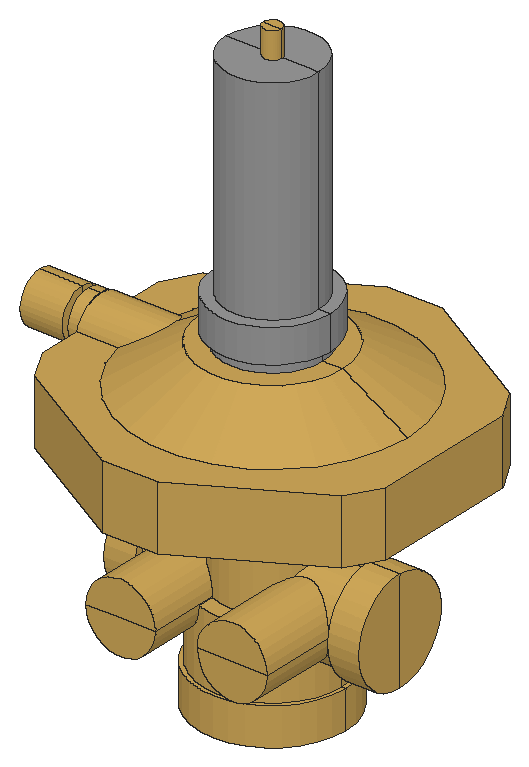
Revit family "Differenzdruckregler 4002 25-60kPa", category Rohrzubehör, Revit 2021
Family settings
  Bemaßung runder Anschluss = Durchmesser verwenden
  Teiletyp = Unterbricht
  OmniClass-Nummer = 23.65.55.14
  OmniClass-Titel = Valves for Liquid Services
  Arbeitsebenenbasiert = Nein
  Immer vertikal = Ja
  Beim Laden mit Abzugskörper schneiden = Nein
  Gemeinsam genutzt = Nein
Parameters (values of type "Ohne Dämmung")
  y2 [instance] = K14 + K9 + H01  # 45.649 mm
  y1 [instance] = (R03 * 2) + R05  # 66.000 mm
  Vorgabe-Ansicht = 0.000 mm
  PN = 16  # constant formula
  Min. Betriebstemperatur (Frostschutz) = -20 °C  # constant formula
  Max. zulässige Betriebstemperatur bis DN32 = 130 °C  # constant formula
  Max. zulässige Betriebstemperatur DN40 - DN50 = 110 °C  # constant formula
  Max. Differenzdruck am Gehäuse = 400000.0 Pa  # constant formula
  Max. Betriebsdruck = 1600000.0 Pa  # constant formula
  Ventilschaft = "Edelstahl 14301"  # constant formula
  VRL01 [instance] = 30.000 mm  # constant formula
  V12 = 17.000 mm  # constant formula
  V10 = 16.000 mm  # constant formula
  V09 [instance] = 11.000 mm  # constant formula
  V08 [instance] = G01 + 3.000 mm  # 16.220 mm
  V03 [instance] = G01 + 5.000 mm  # 18.220 mm
  V02 [instance] = V01 + 4.500 mm  # 12.000 mm
  V01 [instance] = Nennweite / 2  # 7.500 mm
  URL = "www.herz-armaturen.at"
  SCRNSEQ = "ARM;ARM_TYP=\"DIFR\";2"
  SCRNCODE = "05;03;4"  # constant formula
  S07 = 10.000 mm  # constant formula
  S05 [instance] = S01 - 1.000 mm  # 13.850 mm
  S04 [instance] = S02 - 1.000 mm  # 18.000 mm
  S03 [instance] = size_lookup("4002 25-60kPa", "S03", 26.500 mm, Nennweite)  # 25.600 mm
  S02 [instance] = size_lookup("4002 25-60kPa", "S02", 19.000 mm, Nennweite)  # 19.000 mm
  S01 [instance] = size_lookup("4002 25-60kPa", "S01", 14.850 mm, Nennweite)  # 14.850 mm
  Regleranschlussmutter = "Messing CW614N"  # constant formula
  Regelbereich = "25 - 60kPa"  # constant formula
  R06 [instance] = size_lookup("4002 25-60kPa", "R06", 14.500 mm, Nennweite)  # 14.500 mm
  R05 [instance] = size_lookup("4002 25-60kPa", "R05", 41.000 mm, Nennweite)  # 50.000 mm
  R04 [instance] = size_lookup("4002 25-60kPa", "R04", 12.500 mm, Nennweite)  # 12.500 mm
  R03 [instance] = size_lookup("4002 25-60kPa", "R03", 8.000 mm, Nennweite)  # 8.000 mm
  R02 = 14.500 mm  # constant formula
  R01 [instance] = size_lookup("4002 25-60kPa", "R01", 11.500 mm, Nennweite)  # 11.500 mm
  Min. Betriebstemperatur (reines Wasser) = 2 °C  # constant formula
  O-Ringe = "EPDM"  # constant formula
  Nennweite [instance] = 15.000 mm
  Membrangehäuse = "Messing CW602N"  # constant formula
  Membrane = "EPDM"  # constant formula
  Medium = "Wasserbeschaffenheit nach ÖNORM H 5195 und VDI 2035\r\nDie Verwendung von Ethylen- und Propylenglykol ist im\r\nMischungsverhältnis 25 - 50 Vol.-% zulässig."
  L07 [instance] = size_lookup("4002 25-60kPa", "L07", 28.500 mm, Nennweite)  # 33.000 mm
  L06 = 7.000 mm  # constant formula
  L [instance] = size_lookup("4002 25-60kPa", "L", 66.000 mm, Nennweite)  # 66.000 mm
  K9 = 4.000 mm  # constant formula
  K8 = 55.000 mm  # constant formula
  K7 = 8.700 mm  # constant formula
  K6 = 11.700 mm  # constant formula
  K5 = 13.000 mm  # constant formula
  K4 = 12.000 mm  # constant formula
  K3 = 15.000 mm  # constant formula
  K2 = 2.350 mm  # constant formula
  K18 = 89.000 mm  # constant formula
  K17 = 66.700 mm  # constant formula
  K16 = 3.000 mm  # constant formula
  K15 = 26.649 mm  # constant formula
  K14 = 16.649 mm  # constant formula
  K13 = 16.649 mm  # constant formula
  K12 = 10.000 mm  # constant formula
  K11 = 35.000 mm  # constant formula
  K10 = 18.250 mm  # constant formula
  K1.1 = 2.350 mm  # constant formula
  K1 = 7.651 mm - 1.000 mm  # 6.651 mm
  J9 = 15.700 mm  # constant formula
  J8 = 7.850 mm  # constant formula
  J7 = 15.897 mm  # constant formula
  J6 = 3.900 mm  # constant formula
  J5 = 6.500 mm  # constant formula
  J4 = 1.500 mm  # constant formula
  J3 = 3.200 mm  # constant formula
  J2 = 11.000 mm  # constant formula
  J11 = 3.500 mm  # constant formula
  J10 = 18.897 mm  # constant formula
  J1 = 6.500 mm  # constant formula
  Hersteller = "HERZ-Armaturen Ges.m.b.H"  # constant formula
  H2 [instance] = size_lookup("4002 25-60kPa", "H2", 28.000 mm, Nennweite)  # 28.000 mm
  H1 [instance] = K1 + K2 + K3 + K4 + K5 + K7 + K8 + K16 + 16.650 mm  # 132.351 mm
  H04 = 4.000 mm  # constant formula
  H03 = 9.800 mm  # constant formula
  H02 [instance] = size_lookup("4002 25-60kPa", "H02", 53.000 mm, Nennweite)  # 53.000 mm
  H01 [instance] = size_lookup("4002 25-60kPa", "H01", 25.000 mm, Nennweite)  # 25.000 mm
  Gehäuse = "DZR Messing CC770S"  # constant formula
  G01 [instance] = size_lookup("4002 25-60kPa", "G01", 13.220 mm, Nennweite)  # 13.220 mm
  Einstellspindel = "Messing CW614N"  # constant formula
  Hinweise zum Material = "Gemäß Art 33 der REACH-Verordnung (EG Nr. 1907/2006) sind wir verpflichtet, darauf hinzuweisen,\r\ndass der Stoff Blei auf der SVHC-Liste geführt wird und dass alle aus Messing bestehenden Bauteile,\r\ndie in unseren Erzeugnissen verarbeitet sind, mehr als 0,1 % (w/w) Blei (CAS: 7439-92-1 / EINECS:\r\n231-100-4) enthalten. Da Blei als Legierungsbestandteil fest gebunden ist, sind keine Expositionen zu\r\nerwarten und daher sind keine zusätzlichen Angaben zur sicheren Verwendung notwendig.\r\n\r\nIm Hanf enthaltenes Ammoniak schädigt\r\nMessingventilgehäuse, EPDM Dichtungen werden durch\r\nMineralöle bzw. mineralölhaltige Schmierstoffe aufgequollen\r\nund führen somit zum Ausfall der EPDM-Dichtungen. Für\r\nFrost- und Korrosionsschutzmittel auf der Basis von Ethylen- und Propylenglykol sind die entsprechenden\r\nAngaben den Unterlagen des Herstellers zu entnehmen."
  Dämmung = no
  Dämmschale = "EPP (expandiertes Polypropylen)"  # constant formula
  Druckfeder = "Federstahl 14310 NS"  # constant formula
  DN50 [instance] = Nennweite = 50.000 mm  # no
  DN40 [instance] = Nennweite = 40.000 mm  # no
  DN32-40 [instance] = or(Nennweite = 32.000 mm, Nennweite = 40.000 mm)  # no
  DN32 [instance] = Nennweite = 32.000 mm  # no
  DN25 [instance] = Nennweite = 25.000 mm  # no
  DN20 [instance] = Nennweite = 20.000 mm  # no
  DN15-25 [instance] = or(Nennweite = 15.000 mm, Nennweite = 20.000 mm, Nennweite = 25.000 mm)  # yes
  DN15,20,25,32,50 [instance] = or(Nennweite = 15.000 mm, Nennweite = 20.000 mm, Nennweite = 25.000 mm, Nennweite = 32.000 mm, Nennweite = 50.000 mm)  # yes
  DN15 [instance] = Nennweite = 15.000 mm  # yes
  D07 [instance] = if(Nennweite = 15.000 mm, 32.000 mm, if(Nennweite = 20.000 mm, 33.000 mm, if(Nennweite = 25.000 mm, 33.000 mm, if(Nennweite = 32.000 mm, 49.000 mm, if(Nennweite = 40.000 mm, 57.560 mm, if(Nennweite = 50.000 mm, 57.560 mm, 0.000 mm))))))  # 32.000 mm
  D06 [instance] = if(Nennweite = 15.000 mm, 32.000 mm, if(Nennweite = 20.000 mm, 33.000 mm, if(Nennweite = 25.000 mm, 33.000 mm, if(Nennweite = 32.000 mm, 49.000 mm, if(Nennweite = 40.000 mm, 57.560 mm, if(Nennweite = 50.000 mm, 57.560 mm, 0.000 mm))))))  # 32.000 mm
  D05 [instance] = if(Nennweite = 15.000 mm, 36.750 mm, if(Nennweite = 20.000 mm, 40.700 mm, if(Nennweite = 25.000 mm, 49.200 mm, if(Nennweite = 32.000 mm, 54.150 mm, if(Nennweite = 40.000 mm, 60.750 mm, if(Nennweite = 50.000 mm, 72.700 mm, 0.000 mm))))))  # 36.750 mm
  D04 [instance] = if(Nennweite = 15.000 mm, 78.500 mm, if(Nennweite = 20.000 mm, 82.000 mm, if(Nennweite = 25.000 mm, 84.000 mm, if(Nennweite = 32.000 mm, 120.000 mm, if(Nennweite = 40.000 mm, 130.000 mm, if(Nennweite = 50.000 mm, 130.500 mm, 0.000 mm))))))  # 78.500 mm
  D03 [instance] = if(Nennweite = 15.000 mm, 96.000 mm, if(Nennweite = 20.000 mm, 110.000 mm, if(Nennweite = 25.000 mm, 112.000 mm, if(Nennweite = 32.000 mm, 152.000 mm, if(Nennweite = 40.000 mm, 170.000 mm, if(Nennweite = 50.000 mm, 179.000 mm, 0.000 mm))))))  # 96.000 mm
  D02 [instance] = size_lookup("4002 25-60kPa", "R05", 41.000 mm, Nennweite)  # 50.000 mm
  D01 [instance] = size_lookup("4002 25-60kPa", "G01", 13.220 mm, Nennweite)  # 13.220 mm
  Bestellnummer Dämmung [instance] = if(and(Dämmung, Nennweite = 15.000 mm), 1409611, if(and(Dämmung, Nennweite = 20.000 mm), 1409612, if(and(Dämmung, Nennweite = 25.000 mm), 1409613, if(and(Dämmung, Nennweite = 32.000 mm), 1409614, if(and(Dämmung, Nennweite = 40.000 mm), 1409615, if(and(Dämmung, Nennweite = 50.000 mm), 1409616, 0))))))  # 0
  Bestellnummer [instance] = size_lookup("4002 25-60kPa", "Artnr", 0, Nennweite)  # 1400261
  B2 [instance] = size_lookup("4002 25-60kPa", "B2", 31.000 mm, Nennweite)  # 31.000 mm
  B1 [instance] = size_lookup("4002 25-60kPa", "B1", 26.000 mm, Nennweite)  # 26.000 mm
  B04 = 100.649 mm  # constant formula
  B03 = 44.500 mm  # constant formula
  B02 = 104.688 mm  # constant formula
  B01 = 10.000 mm  # constant formula
  Anzeigehülse = "Kunststoff (Rot)"  # constant formula
  Anwendungsgebiet = "Der Differenzdruckregler ist ein Regler mit linearer Kennlinie in Geradsitzausführung und arbeitet ohne\r\nHilfsenergie. Der gewünschte Differenzdruck-Sollwert kann zwischen 5 und 30 kPa; 25 und 60 kPa bzw.\r\n45 und 80 kPa stufenlos eingestellt werden. Der eingestellte Wert ist mit Hilfe des Einstelldiagrammes\r\nablesbar. Werksseitig ist der Sollwert auf Minimum eingestellt. Der erforderliche Sollwert wird mit dem\r\nEinstellwerkzeug (1 4006 02) eingestellt. Im Lieferumfang enthalten ist die Impulsleitung (1000 mm),\r\ndiese ist im Vorlauf einzubinden."
  Anschlussnippel = "Messing CW602N"  # constant formula
Types (2, lengths in mm): name | y2 | y1 | V08 | V03 | V02 | V01 | S03 | R05 | R04 | R03 | R01 | Nennweite | L07 | L | H2 | H02 | H01 | G01 | Dämmung | DN25 | DN15 | D07 | D06 | D05 | D04 | D03 | D02 | D01 | Bestellnummer Dämmung | Bestellnummer | B2 | B1
  Ohne Dämmung | 45.649 | 66.000 | 16.220 | 18.220 | 12.000 | 7.500 | 25.600 | 50.000 | 12.500 | 8.000 | 11.500 | 15.000 | 33.000 | 66.000 | 28.000 | 53.000 | 25.000 | 13.220 | no | no | yes | 32.000 | 32.000 | 36.750 | 78.500 | 96.000 | 50.000 | 13.220 | 0 | 1400261 | 31.000 | 26.000
  Mit Dämmung | 46.649 | 76.000 | 23.600 | 25.600 | 17.000 | 12.500 | 29.000 | 58.200 | 14.500 | 8.900 | 14.800 | 25.000 | 38.000 | 76.000 | 29.000 | 54.500 | 26.000 | 20.600 | yes | yes | no | 33.000 | 33.000 | 49.200 | 84.000 | 112.000 | 58.200 | 20.600 | 1409613 | 1400263 | 33.000 | 28.000
Reference planes
  plane 1 "Mitte (Vorne/hinten)": y = 0
  plane 2: z = 0
  plane 3 "Mitte (Links/rechts)": x = 0
Forms (mm)
  Revolve 1, solid, material "Messing, weicher Gelbton, geschweißt", detail levels fine
    sketch origin (0, 0, 0) x (1, 0, 0) y (0, 0, 1)
      loop
        line (-33, 0) -> (33, 0) -> (33, 13.22) -> (25, 13.22) -> (25, 11.5) -> (-25, 11.5) -> (-25, 13.22) -> (-33, 13.22) -> (-33, 0)
      axis (-33, 0) -> (33, 0)
    angle from 0 to 360
  Revolve 2, solid, material "Messing, weicher Gelbton, geschweißt", detail levels fine
    sketch origin (0, 0, 0) x (1, 0, 0) y (0, 0, 1)
      loop
        line (0, -28) -> (0, 0) -> (-18, 0) -> (-18, -18.2) -> (-19, -18.2) -> (-19, -28) -> (0, -28)
      axis (0, 0) -> (0, -28)
    angle from 0 to 360
  Extrusion 3, solid, material "Messing, weicher Gelbton, geschweißt", detail levels fine
    sketch origin (0, 0, 0) x (0, -1, 0) y (1, 0, 0)
      loop
        line (-46, -7.038) -> (-27.114, -39.75) -> (-18.886, -44.5) -> (18.886, -44.5) -> (27.114, -39.75) -> (46, -7.038) -> (46, 7.038) -> (27.114, 39.75) -> (18.886, 44.5) -> (-18.886, 44.5) -> (-27.114, 39.75) -> (-46, 7.038) -> (-46, -7.038)
    from 29 to 45.649
  Revolve 4, solid, material "Messing, weicher Gelbton, geschweißt", detail levels fine
    sketch origin (0, 0, -7.051) x (1, 0, 0) y (0, 0, 1)
      loop
        line (0, 52.7) -> (0, 62.7) -> (-18.25, 62.7) -> (-35, 52.7) -> (0, 52.7)
      axis (0, 62.7) -> (0, 52.7)
    angle from 0 to 360
  Revolve 5, solid, material "Messing, weicher Gelbton, geschweißt", visible <- "DN15-25", detail levels fine
    sketch origin (-11, 0, 0) x (1, 0, 0) y (0, 1, 0)
      loop
        line (-1.5, 26) -> (-9.2, 26) -> (-9.2, 0) -> (-1.5, 0) -> (-1.5, 26)
      axis (-1.5, 0) -> (-1.5, 26)
    angle from 0 to 360
  Revolve 6, solid, material "Messing, weicher Gelbton, geschweißt", visible <- "DN15,20,25,32,50", detail levels fine
    sketch origin (-0.988, 0, -6.853) x (-1, 0, 0) y (0, 0, 1)
      loop
        line (43.5, 51.75) -> (59.2, 51.75) -> (59.2, 58.25) -> (48.2, 58.25) -> (48.2, 55.65) -> (46.7, 55.65) -> (46.7, 58.25) -> (43.5, 58.25) -> (43.5, 51.75)
      axis (43.5, 51.75) -> (59.2, 51.75)
    angle from 0 to 360
  Extrusion 7, solid, material "Messing, weicher Gelbton, geschweißt", visible <- "DN15,20,25,32,50", detail levels fine
    sketch origin (0, 0, 0) x (0, 1, 0) y (0, 0, -1)
      loop
        line (7.85, -43.547) -> (7.85, -32.5) -> (-7.85, -32.5) -> (-7.85, -43.547)
        arc (-7.85, -43.547) -> (0, -51.397) -> (7.85, -43.547) r 7.85
    from 0 to 44.5
  Revolve 8, solid, material "Kunststoff rot", detail levels fine
    sketch origin (0, 0, 0) x (1, 0, 0) y (0, 0, 1)
      loop
        line (-12, 122.349) -> (-12, 67.349) -> (-15, 67.349) -> (-15, 58.649) -> (-13, 58.649) -> (-13, 55.649) -> (0, 55.649) -> (0, 122.349) -> (-12, 122.349)
      axis (0, 122.349) -> (0, 55.649)
    angle from 0 to 360
  Revolve 9, solid, material "Messing, weicher Gelbton, geschweißt", visible <- "DN15-25", detail levels fine
    sketch origin (-2, 0, 0) x (1, 0, 0) y (0, 1, 0)
      loop
        line (-12.5, 0) -> (-21.5, 0) -> (-21.5, -31) -> (-12.5, -31) -> (-12.5, 0)
      axis (-12.5, 0) -> (-12.5, -31)
    angle from 0 to 360
  Revolve 10, solid, material "Messing, weicher Gelbton, geschweißt", visible <- "DN15-25", detail levels fine
    sketch origin (2, 0, 0) x (1, 0, 0) y (0, 1, 0)
      loop
        line (12.5, 0) -> (12.5, -31) -> (21.6, -31) -> (21.6, 0) -> (12.5, 0)
      axis (12.5, 0) -> (12.5, -31)
    angle from 0 to 360
  Extrusion 11, solid, material "Messing, weicher Gelbton, geschweißt", visible <- "DN32", detail levels fine
    sketch origin (-31.5, 0, 0) x (1, 0, 0) y (0, 1, 0)
      loop
        circle (63, 0) r 6.578
      loop
        circle (63, 0) r 3.28
    from -47 to 0
  Extrusion 12, solid, material "Messing, weicher Gelbton, geschweißt", visible <- "DN32", detail levels fine
    sketch origin (31.5, 0, 0) x (-1, 0, 0) y (0, -1, 0)
      loop
        circle (63, 0) r 6.578
      loop
        circle (63, 0) r 3.28
    from -47 to 0
  Revolve 13, solid, material "Messing, weicher Gelbton, geschweißt", detail levels fine
    sketch origin (0, 0, 0) x (1, 0, 0) y (0, 0, 1)
      loop
        line (-13.85, 0) -> (0, 0) -> (0, 29) -> (-9.85, 29) -> (-9.85, 25) -> (-14.85, 25) -> (-14.85, 15.2) -> (-13.85, 15.2) -> (-13.85, 0)
      axis (0, 29) -> (0, 0)
    angle from 0 to 360
  Extrusion 14, solid, material "Messing, weicher Gelbton, geschweißt", visible <- "DN40", detail levels fine
    sketch origin (29.382, 0, 0) x (-1, 0, 0) y (0, -1, 0)
      loop
        circle (63, 0) r 6.578
      loop
        circle (63, 0) r 3.28
    from -58 to 0
  Extrusion 15, solid, material "Messing, weicher Gelbton, geschweißt", visible <- "DN40", detail levels fine
    sketch origin (-29.455, 0, 0) x (1, 0, 0) y (0, 1, 0)
      loop
        circle (63, 0) r 6.578
      loop
        circle (63, 0) r 3.28
    from -58 to 0
  Extrusion 16, solid, material "Messing, weicher Gelbton, geschweißt", visible <- "DN50", detail levels fine
    sketch origin (28.422, 0, 0) x (-1, 0, 0) y (0, -1, 0)
      loop
        circle (63, 0) r 6.578
      loop
        circle (63, 0) r 3.28
    from -58 to 0
  Extrusion 17, solid, material "Messing, weicher Gelbton, geschweißt", visible <- "DN50", detail levels fine
    sketch origin (-28.422, 0, 0) x (1, 0, 0) y (0, 1, 0)
      loop
        circle (63, 0) r 6.578
      loop
        circle (63, 0) r 3.28
    from -58 to 0
  Revolve 18, solid, material "Messing, weicher Gelbton, geschweißt", detail levels fine
    sketch origin (0, 0, 10) x (1, 0, 0) y (0, 0, 1)
      loop
        line (-2.35, 111.349) -> (0, 111.349) -> (0, 119) -> (-2.35, 119) -> (-2.35, 111.349)
      axis (0, 119) -> (0, 111.349)
    angle from 0 to 360
  Revolve 19, solid, material "Messing, weicher Gelbton, geschweißt", visible <- "DN32-40", detail levels fine
    sketch origin (-11, 0, 0) x (1, 0, 0) y (0, 1, 0)
      loop
        line (-1.5, -26) -> (-1.5, 0) -> (-9.2, 0) -> (-9.2, -26) -> (-1.5, -26)
      axis (-1.5, 0) -> (-1.5, -26)
    angle from 0 to 360
  Extrusion 20, solid, material "Messing, weicher Gelbton, geschweißt", visible <- "DN40", detail levels fine
    sketch origin (0, 0, 0) x (0, 1, 0) y (0, 0, 1)
      loop
        arc (7.85, 74.047) -> (0, 81.897) -> (-7.85, 74.047) r 7.85
        line (-7.85, 74.047) -> (-7.85, 63) -> (7.85, 63) -> (7.85, 74.047)
    from 0 to 44.5
  Revolve 21, solid, material "Messing, weicher Gelbton, geschweißt", visible <- "DN40", detail levels fine
    sketch origin (0.988, 0, -6.853) x (1, 0, 0) y (0, 0, 1)
      loop
        line (43.5, 82.25) -> (59.2, 82.25) -> (59.2, 88.75) -> (48.2, 88.75) -> (48.2, 86.15) -> (46.7, 86.15) -> (46.7, 88.75) -> (43.5, 88.75) -> (43.5, 82.25)
      axis (43.5, 82.25) -> (59.2, 82.25)
    angle from 0 to 360
  Revolve 22, solid, material "Messing, weicher Gelbton, geschweißt", not visible, detail levels fine
    sketch origin (12.3, 0, 0) x (-1, 0, 0) y (0, 0, 1)
      loop
        line (45.3, 0) -> (75.3, 0) -> (75.3, 7.5) -> (58.3, 7.5) -> (58.3, 12) -> (49.3, 12) -> (49.3, 18.22) -> (42.3, 18.22) -> (42.3, 16.22) -> (37.3, 16.22) -> (37.3, 13.22) -> (45.3, 13.22) -> (45.3, 0)
      axis (37.3, 0) -> (75.3, 0)
    angle from 0 to 360
  Revolve 23, solid, material "Messing, weicher Gelbton, geschweißt", not visible, detail levels fine
    sketch origin (-12.3, 0, 0) x (1, 0, 0) y (0, 0, 1)
      loop
        line (45.3, 0) -> (75.3, 0) -> (75.3, 7.5) -> (58.3, 7.5) -> (58.3, 12) -> (49.3, 12) -> (49.3, 18.22) -> (42.3, 18.22) -> (42.3, 16.22) -> (37.3, 16.22) -> (37.3, 13.22) -> (45.3, 13.22) -> (45.3, 0)
      axis (37.3, 0) -> (75.3, 0)
    angle from 0 to 360
  Revolve 24, solid, material "Kunststoff-Anthrazit/Schwarz", visible <- "Dämmung", detail levels fine
    sketch origin (0, 0, 0) x (1, 0, 0) y (0, 0, 1)
      loop
        line (48, 32) -> (-48, 32) -> (-48, 13.22) -> (-25, 13.22) -> (-25, 0) -> (25, 0) -> (25, 13.22) -> (48, 13.22) -> (48, 32)
      axis (-48, 0) -> (48, 0)
    angle from 0 to 360
  Revolve 25, solid, material "Kunststoff-Anthrazit/Schwarz", visible <- "Dämmung", detail levels fine
    sketch origin (0, 0, 0) x (1, 0, 0) y (0, 0, 1)
      loop
        line (0, -46.5) -> (36.75, -46.5) -> (36.75, 32) -> (0, 32) -> (0, -46.5)
      axis (0, 32) -> (0, -46.5)
    angle from 0 to 360
  Extrusion 26, void
    sketch origin (-473.525, -85, 0) x (1, 0, 0) y (0, 1, 0)
      loop
        line (328.595, -39.754) -> (603.525, -39.754) -> (603.525, 170) -> (328.595, 170) -> (328.595, -39.754)
    from 29 to 45.649
  Extrusion 27, void
    sketch origin (-329.879, -55, 0) x (1, 0, 0) y (0, 1, 0)
      loop
        line (182.147, -28.807) -> (489.879, -28.807) -> (489.879, 155) -> (182.147, 155) -> (182.147, -28.807)
    from 29 to 45.649
Cuts and joins
  Extrusion 26 cuts Revolve 24
  Extrusion 27 cuts Revolve 25
Lines and regions (mm)
  model lines, detail levels coarse+medium
    curve 1: line (33, -13.22, 0) -> (33, 13.22, 0)
    curve 2: line (33, 13.22, 0) -> (-33, -13.22, 0)
    curve 3: line (-33, -13.22, 0) -> (-33, 13.22, 0)
    curve 4: line (-33, 13.22, 0) -> (33, -13.22, 0)
    curve 5: line (0, -15, 0) -> (0, -29, 0)
    curve 6: spline (-44.5, -37.324, 0) -> (-42.984, -35.17, 0) -> (-38.538, -33.162, 0) -> (-31.466, -31.438, 0) -> (-22.25, -30.115, 0) -> (-11.517, -29.284, 0) -> (0, -29, 0) -> (11.517, -29.284, 0) -> (22.25, -30.115, 0) -> (31.466, -31.438, 0) -> (38.538, -33.162, 0) -> (42.984, -35.17, 0) -> (44.5, -37.325, 0) -> (42.984, -39.479, 0) -> (38.538, -41.487, 0) -> (31.466, -43.211, 0) -> (22.25, -44.534, 0) -> (11.517, -45.365, 0) -> (0, -45.649, 0) -> (-11.517, -45.365, 0) -> (-22.25, -44.534, 0) -> (-31.466, -43.211, 0) -> (-38.538, -41.487, 0) -> (-42.984, -39.479, 0) -> (-44.5, -37.324, 0)
    curve 7: line (-33, 0, 13.22) -> (-33, 0, -13.22)
    curve 8: line (-33, 0, -13.22) -> (33, 0, 13.22)
    curve 9: line (33, 0, 13.22) -> (33, 0, -13.22)
    curve 10: line (33, 0, -13.22) -> (-33, 0, 13.22)
    curve 11: line (0, 0, 13.22) -> (0, 0, 29)
    curve 12: spline (-44.5, 0, 37.325) -> (-42.984, 0, 39.479) -> (-38.538, 0, 41.487) -> (-31.466, 0, 43.211) -> (-22.25, 0, 44.534) -> (-11.517, 0, 45.365) -> (0, 0, 45.649) -> (11.517, 0, 45.365) -> (22.25, 0, 44.534) -> (31.466, 0, 43.211) -> (38.538, 0, 41.487) -> (42.984, 0, 39.479) -> (44.5, 0, 37.324) -> (42.984, 0, 35.17) -> (38.538, 0, 33.162) -> (31.466, 0, 31.438) -> (22.25, 0, 30.115) -> (11.517, 0, 29.284) -> (0, 0, 29) -> (-11.517, 0, 29.284) -> (-22.25, 0, 30.115) -> (-31.466, 0, 31.438) -> (-38.538, 0, 33.162) -> (-42.984, 0, 35.17) -> (-44.5, 0, 37.325)
    curve 13: line (0, 0, 13.22) -> (16.5, 0, 6.61)
    curve 14: line (0, 0, 13.22) -> (-16.5, 0, 6.61)
    curve 15: line (33, 0, 0) -> (63, 0, 0)
    curve 16: line (-33, 0, 0) -> (-63, 0, 0)
    curve 17: line (0, -15, 0) -> (-22.716, -9.1, 0)
    curve 18: line (0, -15, 0) -> (22.716, -9.1, 0)
    curve 19: line (33, 0, 13.22) -> (33, 0, -13.22)
    curve 20: line (33, 0, 13.22) -> (43, 0, 13.22)
    curve 21: line (43, 0, 13.22) -> (33, 0, 0)
    curve 22: line (43, 0, -13.22) -> (33, 0, 0)
    curve 23: line (33, 0, -13.22) -> (43, 0, -13.22)
    curve 24: line (-33, 0, 13.22) -> (-33, 0, -13.22)
    curve 25: line (-33, 0, 13.22) -> (-43, 0, 13.22)
    curve 26: line (-43, 0, 13.22) -> (-33, 0, 0)
    curve 27: line (-43, 0, -13.22) -> (-33, 0, 0)
    curve 28: line (-33, 0, -13.22) -> (-43, 0, -13.22)
    curve 29: line (-33, 13.22, 0) -> (-43, 13.22, 0)
    curve 30: line (-43, 13.22, 0) -> (-33, 0, 0)
    curve 31: line (-33, -13.22, 0) -> (-43, -13.22, 0)
    curve 32: line (-43, -13.22, 0) -> (-33, 0, 0)
    curve 33: line (33, -13.22, 0) -> (33, 13.22, 0)
    curve 34: line (33, 13.22, 0) -> (43, 13.22, 0)
    curve 35: line (43, 13.22, 0) -> (33, 0, 0)
    curve 36: line (33, -13.22, 0) -> (43, -13.22, 0)
    curve 37: line (43, -13.22, 0) -> (33, 0, 0)
Dimensions and locks
  "G01": Revolve 1 sketch curve to Revolve 1 sketch curve  (x2)
  "R01": Revolve 1 sketch curve to Revolve 1 sketch curve
  "R03": Revolve 1 sketch curve to Revolve 1 sketch curve  (x2)
  "K10": Revolve 4 sketch curve to Revolve 4 sketch curve
  "K11": Revolve 4 sketch curve to Revolve 4 sketch curve
  "B1": Revolve 5 sketch curve to Revolve 5 sketch curve
  "J1": Revolve 6 sketch curve to Revolve 6 sketch curve
  "J3": Revolve 6 sketch curve to Revolve 6 sketch curve
  "J4": Revolve 6 sketch curve to Revolve 6 sketch curve
  "J2": Revolve 6 sketch curve to Revolve 6 sketch curve
  "J5": Revolve 6 sketch curve to Revolve 6 sketch curve
  "J6": Revolve 6 sketch curve to Revolve 6 sketch curve
  "H2": plane 2 to Revolve 2 sketch curve
  "H03": Revolve 2 sketch curve to Revolve 2 sketch curve
  "S02": plane 3 "Mitte (Links/rechts)" to Revolve 2 sketch curve
  "B02": Revolve 6 to Extrusion 3
  "B03": Extrusion 3 to plane 3 "Mitte (Links/rechts)"
  "R04": Revolve 5 sketch curve to plane 3 "Mitte (Links/rechts)"
  "K4": Revolve 8 sketch curve to Revolve 8 sketch curve
  "K3": Revolve 8 sketch curve to Revolve 8 sketch curve
  "K7": Revolve 8 sketch curve to Revolve 8 sketch curve
  "K5": Revolve 8 sketch curve to Revolve 8 sketch curve
  "K8": Revolve 8 sketch curve to Revolve 8 sketch curve
  "K12": Revolve 4 sketch curve to Revolve 4 sketch curve
  "K13": Revolve 4 sketch curve to Extrusion 3
  "K14": Extrusion 3 to Extrusion 3
  "K16": Revolve 8 sketch curve to Revolve 8 sketch curve
  "K15": Revolve 8 to Extrusion 3
  "R05": Revolve 1 sketch curve to Revolve 1 sketch curve
  plane 3 "Mitte (Links/rechts)" to Revolve 1 sketch curve = 33.000 mm
  Revolve 1 sketch curve to plane 3 "Mitte (Links/rechts)" = 33.000 mm
  equal spacing: Revolve 1 sketch curve, plane 3 "Mitte (Links/rechts)", Revolve 1 sketch curve
  "B2": plane 1 "Mitte (Vorne/hinten)" to Revolve 9 sketch curve
  "B2": Revolve 10 sketch curve to plane 1 "Mitte (Vorne/hinten)"
  "R06": Revolve 9 sketch curve to plane 3 "Mitte (Links/rechts)"
  "R06": plane 3 "Mitte (Links/rechts)" to Revolve 10 sketch curve
  "S01": Revolve 13 sketch curve to plane 3 "Mitte (Links/rechts)"
  "S05": plane 3 "Mitte (Links/rechts)" to Revolve 13 sketch curve
  "H04": Revolve 13 sketch curve to Revolve 13 sketch curve
  "H03": Revolve 13 sketch curve to Revolve 13 sketch curve
  "H01": Revolve 13 sketch curve to plane 2
  "K9": Extrusion 3 to Revolve 13
  Revolve 2 sketch curve to Revolve 2 sketch curve = 1.000 mm
  "J7": Revolve 6 sketch curve to Extrusion 3
  "J9": Extrusion 7 sketch curve to Extrusion 7 sketch curve
  "J10": Revolve 6 to Extrusion 7 sketch curve
  "J11": Extrusion 7 sketch curve to Extrusion 3
  equal spacing: curve 7, curve 6, curve 9
  "K18": Extrusion 3 to Extrusion 3
  equal spacing: curve 7, curve 14, curve 14
  equal spacing: curve 14, curve 13, curve 9
  "G01": curve 10 to plane 2
  "G01": plane 2 to curve 8
  "G01": curve 9 to plane 2
  "G01": plane 2 to curve 10
  "K18": curve 12 to curve 12
  "y1": curve 7 to curve 9
  "G01": curve 14 to plane 2
  "K14": curve 12 to curve 12
  "y2": curve 12 to plane 2
  "G01": plane 1 "Mitte (Vorne/hinten)" to curve 4
  "G01": curve 3 to plane 1 "Mitte (Vorne/hinten)"
  equal spacing: curve 3, curve 12, curve 1
  equal spacing: curve 3, curve 18, curve 1
  "y1": curve 3 to curve 1
  "G01": plane 1 "Mitte (Vorne/hinten)" to curve 2
  "G01": curve 4 to plane 1 "Mitte (Vorne/hinten)"
  "K18": curve 6 to curve 6
  "K14": curve 6 to curve 6
  "y2": curve 6 to plane 1 "Mitte (Vorne/hinten)"
  "K1": Revolve 18 sketch curve to Revolve 8
  "K1.1": plane 3 "Mitte (Links/rechts)" to Revolve 18 sketch curve
  "B1": Revolve 19 sketch curve to Revolve 19 sketch curve
  "R04": Revolve 19 sketch curve to plane 3 "Mitte (Links/rechts)"
  Revolve 18 to Revolve 2 = 157.000 mm
  "J9": Extrusion 20 sketch curve to Extrusion 20 sketch curve
  "J1": Revolve 21 sketch curve to Revolve 21 sketch curve
  "J3": Revolve 21 sketch curve to Revolve 21 sketch curve
  "J4": Revolve 21 sketch curve to Revolve 21 sketch curve
  "J2": Revolve 21 sketch curve to Revolve 21 sketch curve
  "J5": Revolve 21 sketch curve to Revolve 21 sketch curve
  "J6": Revolve 21 sketch curve to Revolve 21 sketch curve
  "R03": Revolve 22 sketch curve to Revolve 22 sketch curve
  "V10": Revolve 22 sketch curve to Revolve 22 sketch curve
  "V12": Revolve 22 sketch curve to Revolve 22 sketch curve
  "VRL01": Revolve 22 sketch curve to Revolve 22 sketch curve
  "V02": Revolve 22 sketch curve to plane 2
  "V01": Revolve 22 sketch curve to plane 2
  "G01": Revolve 22 sketch curve to plane 2
  "V08": Revolve 22 sketch curve to plane 2
  "V03": Revolve 22 sketch curve to plane 2
  "R03": Revolve 23 sketch curve to Revolve 23 sketch curve
  "V10": Revolve 23 sketch curve to Revolve 23 sketch curve
  "V12": Revolve 23 sketch curve to Revolve 23 sketch curve
  "VRL01": Revolve 23 sketch curve to Revolve 23 sketch curve
  "V01": Revolve 23 sketch curve to plane 2
  "V02": Revolve 23 sketch curve to plane 2
  "G01": Revolve 23 sketch curve to plane 2
  "V08": Revolve 23 sketch curve to plane 2
  "V03": Revolve 23 sketch curve to plane 2
  "L07": Revolve 22 to plane 3 "Mitte (Links/rechts)"
  "L07": plane 3 "Mitte (Links/rechts)" to Revolve 23
  "S07": curve 28 to Revolve 22
  "S07": curve 26 to Revolve 22
  "S07": Revolve 23 to curve 21
  "S07": Revolve 23 to curve 23
  "G01": plane 2 to curve 28
  "G01": curve 25 to plane 2
  "G01": curve 20 to plane 2
  "G01": plane 2 to curve 23
  "S07": curve 30 to curve 3
  "S07": curve 32 to curve 3
  "S07": curve 33 to curve 35
  "S07": curve 33 to curve 37
  "D01": Revolve 24 sketch curve to plane 2  (x2)
  "D03": Revolve 24 sketch curve to Revolve 24 sketch curve
  "D02": Revolve 24 sketch curve to Revolve 24 sketch curve
  equal spacing: Revolve 24 sketch curve, plane 3 "Mitte (Links/rechts)", Revolve 24 sketch curve  (x2)
  "D05": Revolve 25 sketch curve to Revolve 25 sketch curve
  "D04": Revolve 25 sketch curve to Revolve 25 sketch curve
  "D06": Revolve 25 sketch curve to plane 2
  Revolve 9 to plane 1 "Mitte (Vorne/hinten)" = 31.000 mm
  "D07": Revolve 24 sketch curve to plane 2
  "K14": Extrusion 26 to Extrusion 26
  "K14": Extrusion 26 to Extrusion 3
  "K14": Extrusion 27 to Extrusion 27
  "K14": Extrusion 27 to Extrusion 3
  "J8": radius of Extrusion 7 sketch curve
  "J8": radius of Extrusion 20 sketch curve
  aligned and locked: level to plane 2
Automatic sketch dimensions
  plane 3 "Mitte (Links/rechts)" to Extrusion 3 sketch curve = 7.038 mm  (x2)
  Extrusion 3 sketch curve to plane 1 "Mitte (Vorne/hinten)" = 46.000 mm
  Extrusion 3 sketch curve to plane 1 "Mitte (Vorne/hinten)" = 27.114 mm  (x2)
  Extrusion 3 sketch curve to Extrusion 3 sketch curve = 8.227 mm  (x4)
  plane 1 "Mitte (Vorne/hinten)" to Extrusion 3 sketch curve = 18.886 mm  (x2)
  Extrusion 3 sketch curve to Extrusion 3 sketch curve = 18.886 mm
  Extrusion 3 sketch curve to plane 3 "Mitte (Links/rechts)" = 7.038 mm  (x2)
  Extrusion 3 sketch curve to Extrusion 3 sketch curve = 32.712 mm  (x4)
  Extrusion 3 sketch curve to Extrusion 3 sketch curve = 4.750 mm  (x2)
  Extrusion 11 sketch curve to Extrusion 11 sketch curve = 0.000 mm  (x2)
  plane 1 "Mitte (Vorne/hinten)" to Extrusion 11 sketch curve = 0.000 mm
  plane 3 "Mitte (Links/rechts)" to Extrusion 11 sketch curve = 31.500 mm
  Extrusion 12 sketch curve to Extrusion 12 sketch curve = 0.000 mm  (x2)
  plane 1 "Mitte (Vorne/hinten)" to Extrusion 12 sketch curve = 0.000 mm
  plane 3 "Mitte (Links/rechts)" to Extrusion 12 sketch curve = 31.500 mm
  Extrusion 14 sketch curve to Extrusion 14 sketch curve = 0.000 mm  (x2)
  plane 1 "Mitte (Vorne/hinten)" to Extrusion 14 sketch curve = 0.000 mm
  plane 3 "Mitte (Links/rechts)" to Extrusion 14 sketch curve = 33.618 mm
  Extrusion 15 sketch curve to Extrusion 15 sketch curve = 0.000 mm  (x2)
  plane 1 "Mitte (Vorne/hinten)" to Extrusion 15 sketch curve = 0.000 mm
  plane 3 "Mitte (Links/rechts)" to Extrusion 15 sketch curve = 33.545 mm
  Extrusion 16 sketch curve to Extrusion 16 sketch curve = 0.000 mm  (x2)
  plane 1 "Mitte (Vorne/hinten)" to Extrusion 16 sketch curve = 0.000 mm
  plane 3 "Mitte (Links/rechts)" to Extrusion 16 sketch curve = 34.578 mm
  Extrusion 17 sketch curve to Extrusion 17 sketch curve = 0.000 mm  (x2)
  plane 1 "Mitte (Vorne/hinten)" to Extrusion 17 sketch curve = 0.000 mm
  plane 3 "Mitte (Links/rechts)" to Extrusion 17 sketch curve = 34.578 mm
  plane 1 "Mitte (Vorne/hinten)" to Extrusion 26 sketch curve = 124.754 mm
  Extrusion 26 sketch curve to plane 1 "Mitte (Vorne/hinten)" = 85.000 mm
  Extrusion 26 sketch curve to plane 3 "Mitte (Links/rechts)" = 144.930 mm
  Extrusion 26 sketch curve to Extrusion 26 sketch curve = 274.930 mm
  plane 1 "Mitte (Vorne/hinten)" to Extrusion 27 sketch curve = 83.807 mm
  Extrusion 27 sketch curve to plane 1 "Mitte (Vorne/hinten)" = 100.000 mm
  Extrusion 27 sketch curve to plane 3 "Mitte (Links/rechts)" = 147.731 mm
  Extrusion 27 sketch curve to Extrusion 27 sketch curve = 307.731 mm
  curve 16 to level = 0.000 mm
  curve 11 to plane 3 "Mitte (Links/rechts)" = 0.000 mm
  curve 12 to plane 3 "Mitte (Links/rechts)" = 0.000 mm
  curve 15 to level = 0.000 mm
  curve 16 to curve 16 = 30.000 mm
  curve 15 to curve 15 = 30.000 mm
  plane 1 "Mitte (Vorne/hinten)" to curve 30 = 0.000 mm
  plane 1 "Mitte (Vorne/hinten)" to curve 32 = 0.000 mm
  curve 18 to plane 3 "Mitte (Links/rechts)" = 0.000 mm
  curve 6 to plane 3 "Mitte (Links/rechts)" = 0.000 mm
  plane 1 "Mitte (Vorne/hinten)" to curve 37 = 0.000 mm
  plane 1 "Mitte (Vorne/hinten)" to curve 35 = 0.000 mm
  curve 5 to curve 5 = 14.000 mm
  plane 1 "Mitte (Vorne/hinten)" to curve 17 = 9.100 mm
  plane 1 "Mitte (Vorne/hinten)" to curve 18 = 9.100 mm
  Revolve 1 sketch curve to level = 0.000 mm  (x2)
  Revolve 1 sketch curve to Revolve 1 sketch curve = 1473.530 mm
  Revolve 1 sketch curve to Revolve 1 sketch curve = 1806.148 mm
  Revolve 2 sketch curve to level = 0.000 mm
  Revolve 2 sketch curve to plane 3 "Mitte (Links/rechts)" = 0.000 mm  (x2)
  Revolve 2 sketch curve to Revolve 2 sketch curve = 1.000 mm
  Revolve 2 sketch curve to Revolve 2 sketch curve = 334.045 mm
  level to Revolve 2 sketch curve = 2218.015 mm
  Revolve 4 sketch curve to plane 3 "Mitte (Links/rechts)" = 0.000 mm  (x2)
  Revolve 4 sketch curve to level = 373.096 mm
  Revolve 4 sketch curve to Revolve 4 sketch curve = 2155.315 mm
  plane 1 "Mitte (Vorne/hinten)" to Revolve 5 sketch curve = 0.000 mm  (x2)
  Revolve 5 sketch curve to Revolve 5 sketch curve = 0.000 mm  (x2)
  Revolve 5 sketch curve to Revolve 5 sketch curve = 7.700 mm
  plane 3 "Mitte (Links/rechts)" to Revolve 6 sketch curve = 44.488 mm
  Revolve 6 sketch curve to Revolve 6 sketch curve = 0.000 mm  (x3)
  Extrusion 7 sketch curve to plane 1 "Mitte (Vorne/hinten)" = 0.000 mm
  Extrusion 7 sketch curve to Extrusion 7 sketch curve = 11.047 mm
  Extrusion 7 sketch curve to Extrusion 7 sketch curve = 0.000 mm
  Revolve 8 sketch curve to plane 3 "Mitte (Links/rechts)" = 0.000 mm  (x2)
  level to Revolve 8 sketch curve = 55.649 mm
  Revolve 8 sketch curve to Revolve 8 sketch curve = 0.000 mm  (x2)
  plane 1 "Mitte (Vorne/hinten)" to Revolve 9 sketch curve = 0.000 mm  (x2)
  Revolve 9 sketch curve to Revolve 9 sketch curve = 9.000 mm
  Revolve 9 sketch curve to Revolve 9 sketch curve = 0.000 mm  (x2)
  plane 1 "Mitte (Vorne/hinten)" to Revolve 10 sketch curve = 0.000 mm  (x2)
  Revolve 10 sketch curve to Revolve 10 sketch curve = 9.100 mm
  Revolve 10 sketch curve to Revolve 10 sketch curve = 0.000 mm  (x2)
  Revolve 13 sketch curve to level = 0.000 mm  (x2)
  Revolve 13 sketch curve to plane 3 "Mitte (Links/rechts)" = 0.000 mm  (x2)
  Revolve 13 sketch curve to Revolve 13 sketch curve = 5.000 mm
  Revolve 13 sketch curve to Revolve 13 sketch curve = 0.000 mm
  Revolve 18 sketch curve to plane 3 "Mitte (Links/rechts)" = 0.000 mm  (x2)
  Revolve 18 sketch curve to Revolve 18 sketch curve = 7.651 mm
  Revolve 18 sketch curve to Revolve 18 sketch curve = 0.000 mm  (x2)
  plane 1 "Mitte (Vorne/hinten)" to Revolve 19 sketch curve = 0.000 mm  (x2)
  Revolve 19 sketch curve to Revolve 19 sketch curve = 7.700 mm
  Revolve 19 sketch curve to Revolve 19 sketch curve = 0.000 mm  (x2)
  Extrusion 20 sketch curve to plane 1 "Mitte (Vorne/hinten)" = 0.000 mm
  level to Extrusion 20 sketch curve = 63.000 mm
  Extrusion 20 sketch curve to Extrusion 20 sketch curve = 11.047 mm
  Extrusion 20 sketch curve to Extrusion 20 sketch curve = 0.000 mm
  plane 3 "Mitte (Links/rechts)" to Revolve 21 sketch curve = 44.488 mm
  level to Revolve 21 sketch curve = 75.397 mm
  Revolve 21 sketch curve to Revolve 21 sketch curve = 0.000 mm  (x3)
  Revolve 22 sketch curve to level = 0.000 mm  (x2)
  plane 3 "Mitte (Links/rechts)" to Revolve 22 sketch curve = 25.000 mm
  Revolve 22 sketch curve to Revolve 22 sketch curve = 4.000 mm
  Revolve 22 sketch curve to Revolve 22 sketch curve = 0.000 mm  (x2)
  Revolve 23 sketch curve to level = 0.000 mm  (x2)
  plane 3 "Mitte (Links/rechts)" to Revolve 23 sketch curve = 25.000 mm
  Revolve 23 sketch curve to Revolve 23 sketch curve = 4.000 mm
  Revolve 23 sketch curve to Revolve 23 sketch curve = 0.000 mm  (x2)
  curve 26 to level = 0.000 mm
  curve 27 to level = 0.000 mm
  curve 22 to level = 0.000 mm
  curve 21 to level = 0.000 mm
  curve 27 to curve 28 = 10.000 mm
  curve 19 to curve 20 = 10.000 mm
  Revolve 24 sketch curve to level = 0.000 mm  (x2)
  Revolve 24 sketch curve to Revolve 24 sketch curve = 0.000 mm  (x2)
  Revolve 25 sketch curve to plane 3 "Mitte (Links/rechts)" = 0.000 mm  (x2)
  Revolve 25 sketch curve to Revolve 25 sketch curve = 0.000 mm  (x2)
  radius of Extrusion 11 sketch curve = 6.578 mm
  radius of Extrusion 11 sketch curve = 3.280 mm
  radius of Extrusion 12 sketch curve = 6.578 mm
  radius of Extrusion 12 sketch curve = 3.280 mm
  radius of Extrusion 14 sketch curve = 6.578 mm
  radius of Extrusion 14 sketch curve = 3.280 mm
  radius of Extrusion 15 sketch curve = 6.578 mm
  radius of Extrusion 15 sketch curve = 3.280 mm
  radius of Extrusion 16 sketch curve = 6.578 mm
  radius of Extrusion 16 sketch curve = 3.280 mm
  radius of Extrusion 17 sketch curve = 6.578 mm
  radius of Extrusion 17 sketch curve = 3.280 mm
Nested families
  nested 1: "Herz-Logo-vorne" at (-0.018, 17.815, -12.904) x (0, -1, 0) z (0, 0, 1), type "Herz-Logo-vorne", detail levels fine
  nested 2: "Herz-Logo-vorne" at (-0.018, 29.612, 0) x (0, -1, 0) z (0, 0, 1), visible <- "DN32", type "Herz-Logo-vorne", detail levels fine
  nested 3: "Herz-Logo-vorne" at (-0.018, 38.665, 0) x (0, -1, 0) z (0, 0, 1), visible <- "DN40", type "Herz-Logo-vorne", detail levels fine
  nested 4: "Herz-Logo-vorne" at (-0.018, 37.548, 0) x (0, -1, 0) z (0, 0, 1), visible <- "DN50", type "Herz-Logo-vorne", detail levels fine
Connectors
  piping at (-33, 0, 0), diameter 15, driven by "Nennweite"
    settings: on Revolve 1, index 1, connector inside diameter 609.6 mm, connector length 0.000 mm, flow factor 0, pipe flow 0.0 L/s, pressure drop 0.0 Pa, fitting loss kfactor 0, connector angle 0.00°, fixture units 0, engagement length 0.000 mm, angle of deflection 0.00°, flow configuration 0, flow direction 1, fitting loss method 0, system type 7, joint type 0, gender type 0, connector reference index -1, connector utility 0, adjustable connector no, is connector primary yes, connector description ""
  piping at (33, 0, 0), diameter 15, driven by "Nennweite"
    settings: on Revolve 1, index 2, connector inside diameter 609.6 mm, connector length 0.000 mm, flow factor 0, pipe flow 0.0 L/s, pressure drop 0.0 Pa, fitting loss kfactor 0, connector angle 0.00°, fixture units 0, engagement length 0.000 mm, angle of deflection 0.00°, flow configuration 0, flow direction 2, fitting loss method 0, system type 29, joint type 0, gender type 0, connector reference index -1, connector utility 0, adjustable connector no, is connector primary no, connector description ""
Definition of nested family "Herz-Logo-vorne"
  Parameters (values of type "Herz-Logo-vorne")
    Default Elevation = 0.000 mm
  Reference planes
    plane 1 "Mitte (Vorne/hinten)": y = 0
    plane 2: z = 0
    plane 3 "Mitte (Links/rechts)": x = 0
  Forms (mm)
    Extrusion 1, solid
      sketch origin (0.732, -0.018, 0.017) x (0, -1, 0) y (0, 0, 1)
        loop
          line (-0.018, -4.517) -> (4.482, -4.517) -> (4.482, 4.483) -> (-4.518, 4.483) -> (-4.518, -4.517) -> (-0.018, -4.517)
        loop
          line (-0.05, -3.48) -> (3.482, -3.48) -> (3.482, 3.483) -> (-3.518, 3.483) -> (-3.518, -3.48) -> (-0.05, -3.48)
        loop
          arc (-0.018, 2.383) -> (-1.543, 3.287) -> (-3.067, 2.383) r 1.738
          arc (-3.067, 2.383) -> (-3.191, 1.899) -> (-3.067, 1.415) r 1.009
          line (-3.067, 1.415) -> (-0.018, -3.281) -> (3.032, 1.415)
          arc (3.032, 1.415) -> (3.156, 1.899) -> (3.032, 2.383) r 1.009
          arc (3.032, 2.383) -> (1.507, 3.287) -> (-0.018, 2.383) r 1.738
        loop
          arc (1.885, 1.272) -> (2.005, 1.675) -> (1.885, 2.079) r 0.74
          arc (1.885, 2.079) -> (1.265, 2.416) -> (0.644, 2.079) r 0.74
          line (0.644, 2.079) -> (-0.018, 0.97) -> (-0.679, 2.079)
          arc (-0.679, 2.079) -> (-1.3, 2.416) -> (-1.921, 2.079) r 0.74
          arc (-1.921, 2.079) -> (-2.04, 1.675) -> (-1.921, 1.272) r 0.74
          line (-1.921, 1.272) -> (-0.018, -1.658) -> (1.885, 1.272)
      from 0 to 1.5
  Dimensions and locks
    aligned and locked: level to plane 2
